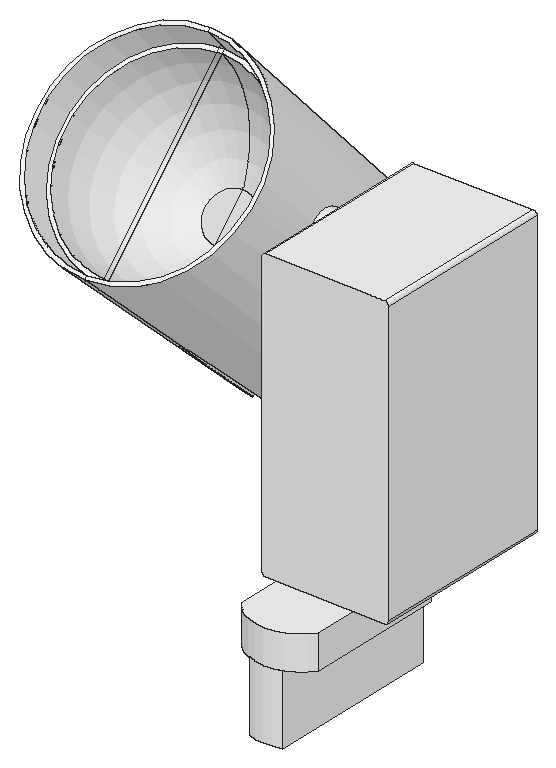
Revit family "0004828 Feilo Sylvania Lighting Fixture START TRACK SPOT S 24W 4K RA80 WB WHITE", category Lighting Fixtures, host Face, Revit 2017
Family settings
  Host = Face
  Round Connector Dimension = Use Diameter
  Part Type = Normal
  OmniClass Number = 23.80.70.00
  OmniClass Title = Lighting
  Cut with Voids When Loaded = No
  Light Source = No
  Shared = No
  Room Calculation Point = No
Parameters (values of type "0004828 START TRACK SPOT S 24W 4K RA80 WB WHITE")
  Weight = "0.966 kg"
  Wattage Comments = ""
  WarrantyStartDate [instance] = "n/a"
  WarrantyGuarantorParts = "n/a"
  WarrantyDurationUnit = "n/a"
  WarrantyDurationParts = "n/a"
  WarrantyDescription = "n/a"
  Voltage = 230 V
  URL = "http://www.sylvania-lighting.com"
  TypeName = "START TRACK SPOT S 24W 4K RA80 WB WHITE"
  TypeHead_FEILO = Start Track Spot Head : 0004828 START TRACK SPOT S 24W 4K RA80 WB WHITE
  TypeBox_FEILO = Start Track Spot Box : Type Small White
  Type Image = <None>
  Type Comments = "n/a"
  VerticalRotation_FEILO [instance] = 0.00°
  SlideEndAngle_FEILO [instance] = VerticalRotation_FEILO + 180.00°  # 180.00°
  SerialNumber [instance] = "n/a"
  Material_3_FEILO = none
  PowerFactor = 0.95
  PowerConsumption = "24 W"
  NominalLength = 0 mm
  NominalHeight = 200 mm
  NominalDepth = 140 mm
  Name = "START TRACK SPOT S 24W 4K RA80 WB WHITE"
  ModelReference = Name  # "START TRACK SPOT S 24W 4K RA80 WB WHITE"
  ModelNumber = "0004828"
  Model = Name  # "START TRACK SPOT S 24W 4K RA80 WB WHITE"
  Material = "adc12 aluminium housing, polycarbonate diffuser"
  ManufacturerName = "Feilo Sylvania"
  Manufacturer = "Feilo Sylvania"
  LuminousEfficacy = "103 lm/W"
  LuminaireType = ""
  LightOutputRatio = "100"
  LampsType = Lamp  # "LED"
  LampNominalLuminous = "2476 lm"
  LampMacAdamStep = "3"
  LampColourTemperature = "4000 K"
  LampColourRenderingIndex = "80"
  Lamp = "LED"
  Keynote = "16500"
  InstallationDate [instance] = "n/a"
  InputVoltage = "230-240V~"
  InputNominalFrequency = "50/60 Hz"
  IngressProtection = "IP20"
  ImpactProtectionIndex = "IK02"
  IfcExportType = "IfcLightFixtureType"
  IfcExportAs = "IfcLightFixtureType"
  HorizontalRotation_FEILO [instance] = 45.00°
  ExpectedLife = 50000
  ElectricShockClassification = "Class II"
  DurationUnit = "hours"
  DocumentationLiterature = "http://www.sylvania-lighting.com/product/en-int/products/0004828"
  DimmingControlOptions = "Non dimmable"
  Material_2_FEILO = none
  Description = "Integrated LED spotlight, Textured White - RAL9016, compact and minimalist design, ideal for retail applications, die-cast aluminium body, passive cooling heatsink. Beam angle: 64°, color temperature: 4000K , total system power: 24W, total fixture output: 2476 lm, LOR: 100%, colour rendering: Ra: 80 typical, LED Chromaticity: 3 step MacAdam ellipse, lifetime: >50000 hours at L70B50, energy class: A++, A+, A, IR/UV free light source without heat radiation, operating voltage: 220-240V / 50-60Hz, drive current: 600mA, electronic driver, non-dimmable, power factor: 0.95, electrical protection: Class II, Global Track 3 Phase adapter suitable for Global trac 3-circuit tracks, ingress protection rating: IP20, suitable for internal environment only, horizontal rotation: 355°, vertical tilt: 90°, dimensions: Ø86x140x200, weight: 0.966kg."
  Default Elevation = 1219.2 mm
  CreatedOn = "12/12/2017"
  CreatedBy = ""
  Cost = 0
  built-in parameter 1114216 [instance] = (empty or 0)
  ClassificationValue = "EF_70_80"
  ClassificationName = "Uniclass2015"
  Material_1_FEILO = Body-Sylvania-StartTrackSpot-White
  BarCode [instance] = "n/a"
  AssetType = "Fixed"
  AssetIdentifier [instance] = "n/a"
  Assembly Code = "D5020200"
  Apparent Load = 24 VA
  Material_4_FEILO = none
Reference planes
  plane 1 "Center (Front/Back)": y = 0
  plane 2: z = 0
  plane 3 "Center (Left/Right)": x = 0
  plane 4: x = 15
  plane 5: x = -15
  plane 6: y = 35
  plane 7: y = -35
  plane 8: z = 13
  plane 9: z = -27
  plane 10: x = 6.5
  plane 11: x = -6.5
  plane 12: y = 27
  plane 13: y = -27
  plane 14: y = 20
Forms (mm)
  Extrusion 1, solid, material "Body-Sylvania-StartTrackSpot-White" <- "Material_1_FEILO"
    sketch origin (0, 0, 0) x (1, 0, 0) y (0, 1, 0)
      loop
        line (-15, 27) -> (-15, -27)
        arc (-15, -27) -> (0, -35) -> (15, -27) r 18.062
        line (15, -27) -> (15, 27)
        arc (15, 27) -> (0, 35) -> (-15, 27) r 18.062
    from 0 to 13
  Extrusion 2, solid, material "Body-Sylvania-StartTrackSpot-White" <- "Material_1_FEILO"
    sketch origin (0, 0, 0) x (1, 0, 0) y (0, 1, 0)
      loop
        arc (6.5, 33.79) -> (0, 35) -> (-6.5, 33.79) r 18.062
        line (-6.5, 33.79) -> (-6.5, -33.79)
        arc (-6.5, -33.79) -> (0, -35) -> (6.5, -33.79) r 18.062
        line (6.5, -33.79) -> (6.5, 33.79)
    from 0 to -27
  Revolve 3, solid, not visible
    sketch origin (1524, 20, 1219.2) x (1, 0, 0) y (0, 0, 1)
      loop
        line (-1524, -1206.2) -> (-1524, -1191.285) -> (-1530.5, -1191.285) -> (-1530.5, -1206.2) -> (-1524, -1206.2)
      axis (-1524, -1191.285) -> (-1524, -1206.2)
    angle from 0 <- "VerticalRotation_FEILO" to 180 <- "SlideEndAngle_FEILO"
Cuts and joins
  joined: Extrusion 1, Extrusion 2
Dimensions and locks
  equal spacing: plane 10, plane 3 "Center (Left/Right)", plane 11
  equal spacing: plane 4, plane 3 "Center (Left/Right)", plane 5
  locked: plane 8 to plane 2 at 13
  locked: plane 8 to plane 9 at 40
  equal spacing: plane 13, plane 1 "Center (Front/Back)", plane 12
  locked: plane 12 to plane 6 at 8
  locked: plane 14 to plane 6 at 15
  locked: Revolve 3 sketch curve to plane 8 at 14.915
  aligned and locked: plane 2 to host face
  aligned and locked: level to host face
  aligned and locked: plane 5 to Extrusion 1 sketch curve  (x2)
  aligned and locked: plane 12 to Extrusion 1 sketch curve
  aligned and locked: plane 13 to Extrusion 1 sketch curve
  aligned and locked: plane 4 to Extrusion 1 sketch curve
  aligned and locked: Extrusion 1 to plane 8
  aligned and locked: Extrusion 1 to level
  aligned and locked: Extrusion 2 sketch curve to Extrusion 1  (x2)
  aligned and locked: Extrusion 2 sketch curve to plane 11
  aligned and locked: plane 10 to Extrusion 2 sketch curve
  aligned and locked: plane 9 to Extrusion 2
  aligned and locked: level to Extrusion 2
  aligned and locked: Revolve 3 sketch curve to plane 3 "Center (Left/Right)"  (x2)
  aligned and locked: plane 11 to Revolve 3 sketch curve
  aligned and locked: Revolve 3 sketch curve to plane 8
Automatic sketch dimensions
  host sketch curve to host sketch curve = 2438.4 mm  (x2)
  Extrusion 1 sketch curve to plane 3 "Center (Left/Right)" = 0 mm  (x2)
  Extrusion 1 sketch curve to plane 13 = 10.062 mm
  plane 12 to Extrusion 1 sketch curve = 10.062 mm
  Revolve 3 sketch curve to plane 3 "Center (Left/Right)" = 0 mm
  plane 9 to Revolve 3 sketch curve = 582.6 mm
  Revolve 3 sketch curve to Revolve 3 sketch curve = 2581.144 mm
Nested families
  nested 1: "Start Track Spot Head" at (-62, 20, 112.529) x (0, 0.7071, 0.7071) z (0, 0.7071, -0.7071), type <- "TypeHead_FEILO", type "0004828 START TRACK SPOT S 24W 4K RA80 WB WHITE"
    with built-in parameter 1114216 (empty or 0)
  nested 2: "Start Track Spot Box" at (8.5, 20, 73) x (-1, 0, 0) z (0, -1, 0), BoxStartAngle_FEILO <- "HorizontalRotation_FEILO", type <- "TypeBox_FEILO", type "Type Small White"
    with BoxStartAngle_FEILO 45.00°, BoxEndAngle_FEILO -135.00°
Connectors
  electrical at (0, 0, 0), driven by "Apparent Load", driven by "PowerFactor", driven by "Voltage"
    settings: index 1, voltage 230 V, apparent load 24 VA, apparent load phase1 0 VA, apparent load phase2 0 VA, apparent load phase3 0 VA, power factor 0.95, load classification "Lighting", number of poles 1, system type 30, power factor state 1, is connector primary yes, connector utility no, sub classification motor no, connector description ""
Definition of nested family "Start Track Spot Head"
  Parameters (values of type "0004811 START TRACK SPOT S 14W 3K RA80 NB WHITE")
    Wattage Comments = "n/a"
    Wattage = 14 W
    built-in parameter 1150110 = 1 (stored number, unit not read)
    URL = "http://www.feilosylvania.com"
    Type Image = (empty or 0)
    Type Comments = "n/a"
    built-in parameter 1114217 = 1 (stored number, unit not read)
    Tilt Angle = -90.00°
    built-in parameter 1150109 = 1 (stored number, unit not read)
    built-in parameter 1150134 = (empty or 0)
    built-in parameter 1150113 = 1 (stored number, unit not read)
    Photometric Web File = "0004811.ies"
    Material_3_FEILO = none
    Model = "START TRACK SPOT S 14W 3K RA80 NB WHITE"
    Manufacturer = "Feilo Sylvania"
    built-in parameter 1150105 = 123.66 (stored number, unit not read)
    Lumens = 1554 lm
    built-in parameter 1150115 = 1 (stored number, unit not read)
    built-in parameter 1150137 = (empty or 0)
    built-in parameter 1150139 = (empty or 0)
    built-in parameter 1150112 = 1 (stored number, unit not read)
    built-in parameter 1150114 = 1 (stored number, unit not read)
    Lamp = "LED"
    Keynote = "16500"
    Material_2_FEILO = none
    built-in parameter 1150132 = (empty or 0)
    built-in parameter 1150102 = (empty or 0)
    built-in parameter 1150107 = 3000 (stored number, unit not read)
    built-in parameter 1150138 = (empty or 0)
    built-in parameter 1150106 = 1.2366 (stored number, unit not read)
    HeadThickness_FEILO = if(HeadDiaOut_FEILO > 112 mm, 2 mm, 1.5 mm)  # 1.5 mm
    HeadRibOffset_FEILO = HeadHeight_FEILO / 28  # 4.179 mm
    HeadRibDepth_FEILO = HeadHeight_FEILO / 2.1  # 55.714 mm
    HeadRibCutWidth_FEILO = HeadDiaOut_FEILO / 12  # 7.167 mm
    HeadRibCutOffset_FEILO = HeadHeight_FEILO / 2.3  # 50.87 mm
    HeadReflectorRadius_FEILO = HeadDiaOut_FEILO / 1.7  # 50.588 mm
    HeadReflectorOffset_FEILO = HeadHeight_FEILO / 2.1  # 55.714 mm
    HeadLEDRadius_FEILO = HeadDiaOut_FEILO / 9  # 9.556 mm
    HeadHeight_FEILO = 117 mm
    HeadDraft_FEILO = 1 mm
    HeadDiffusorThickness_FEILO = 3 mm
    HeadDiffusorOffset_FEILO = HeadHeight_FEILO / 12.4  # 9.435 mm
    HeadDiaOut_FEILO = 86 mm
    HeadDiaIn_FEILO = HeadDiaOut_FEILO / 1.11  # 77.477 mm
    HeadAxisFromTop_FEILO = HeadHeight_FEILO / 1.687  # 69.354 mm
    Emit from Circle Diameter = HeadDiaIn_FEILO  # 77.477 mm
    Emit Shape Visible in Rendering = no
    built-in parameter 1150104 = 10.312 (stored number, unit not read)
    Dimming Lamp Color Temperature Shift = (empty or 0)
    Description = "Integrated LED spotlight, Textured White - RAL9016, compact and minimalist design, ideal for retail applications, die-cast aluminium body, passive cooling heatsink. Beam angle: 12°, color temperature: 3000K , total system power: 14W, total fixture output: 1551 lm, LOR: 100%, colour rendering: Ra: 80 typical, LED Chromaticity: 3 step MacAdam ellipse, lifetime: >50000 hours at L70B50, energy class: A++, A+, A, IR/UV free light source without heat radiation, operating voltage: 220-240V / 50-60Hz, drive current: 350mA, electronic driver, non-dimmable, power factor: 0.92, electrical protection: Class II, Global Track 3 Phase adapter suitable for Global trac 3-circuit tracks, ingress protection rating: IP20, suitable for internal environment only, horizontal rotation: 355°, vertical tilt: 90°, dimensions: Ø86x140x200, weight: 0.940kg."
    Default Elevation = 1219.2 mm
    Cost = 0
    Color Filter = 16777215
    built-in parameter 1114216 [instance] = (empty or 0)
    Material_1_FEILO = none
    built-in parameter 1114218 = 1 (stored number, unit not read)
    built-in parameter 1150133 = 10 (stored number, unit not read)
    Assembly Code = "D5020200"
    Apparent Load = 14 VA
    Material_4_FEILO = none
  Types (96, lengths in mm): name | Wattage | built-in parameter 1150134 | Photometric Web File | Model | built-in parameter 1150105 | Lumens | built-in parameter 1150107 | built-in parameter 1150106 | HeadThickness_FEILO | HeadRibOffset_FEILO | HeadRibDepth_FEILO | HeadRibCutWidth_FEILO | HeadRibCutOffset_FEILO | HeadReflectorRadius_FEILO | HeadReflectorOffset_FEILO | HeadLEDRadius_FEILO | HeadHeight_FEILO | HeadDiffusorOffset_FEILO | HeadDiaOut_FEILO | HeadDiaIn_FEILO | HeadAxisFromTop_FEILO | Emit from Circle Diameter | built-in parameter 1150104 | Description | Apparent Load
    0004906 START TRACK SPOT L 55W 4K RA90 WB BLACK | 55 W | 12 | "0004906.ies" | "START TRACK SPOT L 55W 4K RA90 WB BLACK" | 385.15 (stored number, unit not read) | 4840 lm | 4000 (stored number, unit not read) | 3.8515 (stored number, unit not read) | 2 | 4.429 | 59.048 | 9.417 | 53.913 | 66.471 | 59.048 | 12.556 | 124 | 10 | 113 | 101.802 | 73.503 | 101.802 | 8.1755 (stored number, unit not read) | "Integrated LED spotlight, Textured Black - RAL9005, compact and minimalist design, ideal for retail applications, die-cast aluminium body, passive cooling heatsink. Beam angle: 52°, color temperature: 4000K , total system power: 55W, total fixture output: 4824 lm, LOR: 100%, colour rendering: Ra: 90 typical, LED Chromaticity: 3 step MacAdam ellipse, lifetime: >50000 hours at L70B50, energy class: A++, A+, A, IR/UV free light source without heat radiation, operating voltage: 220-240V / 50-60Hz, drive current: 1400mA, electronic driver, non-dimmable, power factor: 0.96, electrical protection: Class II, Global Track 3 Phase adapter suitable for Global trac 3-circuit tracks, ingress protection rating: IP20, suitable for internal environment only, horizontal rotation: 355°, vertical tilt: 90°, dimensions: Ø113x164x240, weight: 1.398kg." | 55 VA
    0004905 START TRACK SPOT L 55W 4K RA90 MB BLACK | 55 W | 12 | "0004905.ies" | "START TRACK SPOT L 55W 4K RA90 MB BLACK" | 389.53 (stored number, unit not read) | 4895 lm | 4000 (stored number, unit not read) | 3.8953 (stored number, unit not read) | 2 | 4.429 | 59.048 | 9.417 | 53.913 | 66.471 | 59.048 | 12.556 | 124 | 10 | 113 | 101.802 | 73.503 | 101.802 | 8.2684 (stored number, unit not read) | "Integrated LED spotlight, Textured Black - RAL9005, compact and minimalist design, ideal for retail applications, die-cast aluminium body, passive cooling heatsink. Beam angle: 38°, color temperature: 4000K , total system power: 55W, total fixture output: 4897 lm, LOR: 100%, colour rendering: Ra: 90 typical, LED Chromaticity: 3 step MacAdam ellipse, lifetime: >50000 hours at L70B50, energy class: A++, A+, A, IR/UV free light source without heat radiation, operating voltage: 220-240V / 50-60Hz, drive current: 1400mA, electronic driver, non-dimmable, power factor: 0.96, electrical protection: Class II, Global Track 3 Phase adapter suitable for Global trac 3-circuit tracks, ingress protection rating: IP20, suitable for internal environment only, horizontal rotation: 355°, vertical tilt: 90°, dimensions: Ø113x164x240, weight: 1.398kg." | 55 VA
    0004904 START TRACK SPOT L 55W 4K RA90 NB BLACK | 55 W | 12 | "0004904.ies" | "START TRACK SPOT L 55W 4K RA90 NB BLACK" | 393.91 (stored number, unit not read) | 4950 lm | 4000 (stored number, unit not read) | 3.9391 (stored number, unit not read) | 2 | 4.429 | 59.048 | 9.417 | 53.913 | 66.471 | 59.048 | 12.556 | 124 | 10 | 113 | 101.802 | 73.503 | 101.802 | 8.3613 (stored number, unit not read) | "Integrated LED spotlight, Textured Black - RAL9005, compact and minimalist design, ideal for retail applications, die-cast aluminium body, passive cooling heatsink. Beam angle: 15°, color temperature: 4000K , total system power: 55W, total fixture output: 4965 lm, LOR: 100%, colour rendering: Ra: 90 typical, LED Chromaticity: 3 step MacAdam ellipse, lifetime: >50000 hours at L70B50, energy class: A++, A+, A, IR/UV free light source without heat radiation, operating voltage: 220-240V / 50-60Hz, drive current: 1400mA, electronic driver, non-dimmable, power factor: 0.96, electrical protection: Class II, Global Track 3 Phase adapter suitable for Global trac 3-circuit tracks, ingress protection rating: IP20, suitable for internal environment only, horizontal rotation: 355°, vertical tilt: 90°, dimensions: Ø113x164x240, weight: 1.398kg." | 55 VA
    0004903 START TRACK SPOT L 35W 4K RA90 WB BLACK | 35 W | 12 | "0004903.ies" | "START TRACK SPOT L 35W 4K RA90 WB BLACK" | 284.09 (stored number, unit not read) | 3570 lm | 4000 (stored number, unit not read) | 2.8409 (stored number, unit not read) | 2 | 4.429 | 59.048 | 9.417 | 53.913 | 66.471 | 59.048 | 12.556 | 124 | 10 | 113 | 101.802 | 73.503 | 101.802 | 9.4761 (stored number, unit not read) | "Integrated LED spotlight, Textured Black - RAL9005, compact and minimalist design, ideal for retail applications, die-cast aluminium body, passive cooling heatsink. Beam angle: 52°, color temperature: 4000K , total system power: 35W, total fixture output: 3562 lm, LOR: 100%, colour rendering: Ra: 90 typical, LED Chromaticity: 3 step MacAdam ellipse, lifetime: >50000 hours at L70B50, energy class: A++, A+, A, IR/UV free light source without heat radiation, operating voltage: 220-240V / 50-60Hz, drive current: 900mA, electronic driver, non-dimmable, power factor: 0.93, electrical protection: Class II, Global Track 3 Phase adapter suitable for Global trac 3-circuit tracks, ingress protection rating: IP20, suitable for internal environment only, horizontal rotation: 355°, vertical tilt: 90°, dimensions: Ø113x164x240, weight: 1.368kg." | 35 VA
    0004902 START TRACK SPOT L 35W 4K RA90 MB BLACK | 35 W | 12 | "0004902.ies" | "START TRACK SPOT L 35W 4K RA90 MB BLACK" | 286.88 (stored number, unit not read) | 3605 lm | 4000 (stored number, unit not read) | 2.8688 (stored number, unit not read) | 2 | 4.429 | 59.048 | 9.417 | 53.913 | 66.471 | 59.048 | 12.556 | 124 | 10 | 113 | 101.802 | 73.503 | 101.802 | 9.569 (stored number, unit not read) | "Integrated LED spotlight, Textured Black - RAL9005, compact and minimalist design, ideal for retail applications, die-cast aluminium body, passive cooling heatsink. Beam angle: 38°, color temperature: 4000K , total system power: 35W, total fixture output: 3616 lm, LOR: 100%, colour rendering: Ra: 90 typical, LED Chromaticity: 3 step MacAdam ellipse, lifetime: >50000 hours at L70B50, energy class: A++, A+, A, IR/UV free light source without heat radiation, operating voltage: 220-240V / 50-60Hz, drive current: 900mA, electronic driver, non-dimmable, power factor: 0.93, electrical protection: Class II, Global Track 3 Phase adapter suitable for Global trac 3-circuit tracks, ingress protection rating: IP20, suitable for internal environment only, horizontal rotation: 355°, vertical tilt: 90°, dimensions: Ø113x164x240, weight: 1.368kg." | 35 VA
    0004901 START TRACK SPOT L 35W 4K RA90 NB BLACK | 35 W | 12 | "0004901.ies" | "START TRACK SPOT L 35W 4K RA90 NB BLACK" | 286.88 (stored number, unit not read) | 3605 lm | 4000 (stored number, unit not read) | 2.8688 (stored number, unit not read) | 2 | 4.429 | 59.048 | 9.417 | 53.913 | 66.471 | 59.048 | 12.556 | 124 | 10 | 113 | 101.802 | 73.503 | 101.802 | 9.569 (stored number, unit not read) | "Integrated LED spotlight, Textured Black - RAL9005, compact and minimalist design, ideal for retail applications, die-cast aluminium body, passive cooling heatsink. Beam angle: 15°, color temperature: 4000K , total system power: 35W, total fixture output: 3593 lm, LOR: 100%, colour rendering: Ra: 90 typical, LED Chromaticity: 3 step MacAdam ellipse, lifetime: >50000 hours at L70B50, energy class: A++, A+, A, IR/UV free light source without heat radiation, operating voltage: 220-240V / 50-60Hz, drive current: 900mA, electronic driver, non-dimmable, power factor: 0.93, electrical protection: Class II, Global Track 3 Phase adapter suitable for Global trac 3-circuit tracks, ingress protection rating: IP20, suitable for internal environment only, horizontal rotation: 355°, vertical tilt: 90°, dimensions: Ø113x164x240, weight: 1.368kg." | 35 VA
    0004900 START TRACK SPOT S 24W 4K RA90 WB BLACK | 24 W | 12 | "0004900.ies" | "START TRACK SPOT S 24W 4K RA90 WB BLACK" | 166.16 (stored number, unit not read) | 2088 lm | 4000 (stored number, unit not read) | 1.6616 (stored number, unit not read) | 1.5 | 4.179 | 55.714 | 7.167 | 50.87 | 50.588 | 55.714 | 9.556 | 117 | 9.435 | 86 | 77.477 | 69.354 | 77.477 | 8.0826 (stored number, unit not read) | "Integrated LED spotlight, Textured Black - RAL9005, compact and minimalist design, ideal for retail applications, die-cast aluminium body, passive cooling heatsink. Beam angle: 64°, color temperature: 4000K , total system power: 24W, total fixture output: 2087 lm, LOR: 100%, colour rendering: Ra: 90 typical, LED Chromaticity: 3 step MacAdam ellipse, lifetime: >50000 hours at L70B50, energy class: A++, A+, A, IR/UV free light source without heat radiation, operating voltage: 220-240V / 50-60Hz, drive current: 600mA, electronic driver, non-dimmable, power factor: 0.95, electrical protection: Class II, Global Track 3 Phase adapter suitable for Global trac 3-circuit tracks, ingress protection rating: IP20, suitable for internal environment only, horizontal rotation: 355°, vertical tilt: 90°, dimensions: Ø86x140x200, weight: 0.966kg." | 24 VA
    0004899 START TRACK SPOT S 24W 4K RA90 MB BLACK | 24 W | 12 | "0004899.ies" | "START TRACK SPOT S 24W 4K RA90 MB BLACK" | 169.98 (stored number, unit not read) | 2136 lm | 4000 (stored number, unit not read) | 1.6998 (stored number, unit not read) | 1.5 | 4.179 | 55.714 | 7.167 | 50.87 | 50.588 | 55.714 | 9.556 | 117 | 9.435 | 86 | 77.477 | 69.354 | 77.477 | 8.2684 (stored number, unit not read) | "Integrated LED spotlight, Textured Black - RAL9005, compact and minimalist design, ideal for retail applications, die-cast aluminium body, passive cooling heatsink. Beam angle: 36°, color temperature: 4000K , total system power: 24W, total fixture output: 2141 lm, LOR: 100%, colour rendering: Ra: 90 typical, LED Chromaticity: 3 step MacAdam ellipse, lifetime: >50000 hours at L70B50, energy class: A++, A+, A, IR/UV free light source without heat radiation, operating voltage: 220-240V / 50-60Hz, drive current: 600mA, electronic driver, non-dimmable, power factor: 0.95, electrical protection: Class II, Global Track 3 Phase adapter suitable for Global trac 3-circuit tracks, ingress protection rating: IP20, suitable for internal environment only, horizontal rotation: 355°, vertical tilt: 90°, dimensions: Ø86x140x200, weight: 0.966kg." | 24 VA
    0004898 START TRACK SPOT S 24W 4K RA90 NB BLACK | 24 W | 12 | "0004898.ies" | "START TRACK SPOT S 24W 4K RA90 NB BLACK" | 171.89 (stored number, unit not read) | 2160 lm | 4000 (stored number, unit not read) | 1.7189 (stored number, unit not read) | 1.5 | 4.179 | 55.714 | 7.167 | 50.87 | 50.588 | 55.714 | 9.556 | 117 | 9.435 | 86 | 77.477 | 69.354 | 77.477 | 8.3613 (stored number, unit not read) | "Integrated LED spotlight, Textured Black - RAL9005, compact and minimalist design, ideal for retail applications, die-cast aluminium body, passive cooling heatsink. Beam angle: 12°, color temperature: 4000K , total system power: 24W, total fixture output: 2155 lm, LOR: 100%, colour rendering: Ra: 90 typical, LED Chromaticity: 3 step MacAdam ellipse, lifetime: >50000 hours at L70B50, energy class: A++, A+, A, IR/UV free light source without heat radiation, operating voltage: 220-240V / 50-60Hz, drive current: 600mA, electronic driver, non-dimmable, power factor: 0.95, electrical protection: Class II, Global Track 3 Phase adapter suitable for Global trac 3-circuit tracks, ingress protection rating: IP20, suitable for internal environment only, horizontal rotation: 355°, vertical tilt: 90°, dimensions: Ø86x140x200, weight: 0.966kg." | 24 VA
    0004897 START TRACK SPOT S 14W 4K RA90 WB BLACK | 14 W | 12 | "0004897.ies" | "START TRACK SPOT S 14W 4K RA90 WB BLACK" | 108.07 (stored number, unit not read) | 1358 lm | 4000 (stored number, unit not read) | 1.0807 (stored number, unit not read) | 1.5 | 4.179 | 55.714 | 7.167 | 50.87 | 50.588 | 55.714 | 9.556 | 117 | 9.435 | 86 | 77.477 | 69.354 | 77.477 | 9.0116 (stored number, unit not read) | "Integrated LED spotlight, Textured Black - RAL9005, compact and minimalist design, ideal for retail applications, die-cast aluminium body, passive cooling heatsink. Beam angle: 64°, color temperature: 4000K , total system power: 14W, total fixture output: 1352 lm, LOR: 100%, colour rendering: Ra: 90 typical, LED Chromaticity: 3 step MacAdam ellipse, lifetime: >50000 hours at L70B50, energy class: A++, A+, A, IR/UV free light source without heat radiation, operating voltage: 220-240V / 50-60Hz, drive current: 350mA, electronic driver, non-dimmable, power factor: 0.92, electrical protection: Class II, Global Track 3 Phase adapter suitable for Global trac 3-circuit tracks, ingress protection rating: IP20, suitable for internal environment only, horizontal rotation: 355°, vertical tilt: 90°, dimensions: Ø86x140x200, weight: 0.940kg." | 14 VA
    0004896 START TRACK SPOT S 14W 4K RA90 MB BLACK | 14 W | 12 | "0004896.ies" | "START TRACK SPOT S 14W 4K RA90 MB BLACK" | 108.07 (stored number, unit not read) | 1358 lm | 4000 (stored number, unit not read) | 1.0807 (stored number, unit not read) | 1.5 | 4.179 | 55.714 | 7.167 | 50.87 | 50.588 | 55.714 | 9.556 | 117 | 9.435 | 86 | 77.477 | 69.354 | 77.477 | 9.0116 (stored number, unit not read) | "Integrated LED spotlight, Textured Black - RAL9005, compact and minimalist design, ideal for retail applications, die-cast aluminium body, passive cooling heatsink. Beam angle: 36°, color temperature: 4000K , total system power: 14W, total fixture output: 1359 lm, LOR: 100%, colour rendering: Ra: 90 typical, LED Chromaticity: 3 step MacAdam ellipse, lifetime: >50000 hours at L70B50, energy class: A++, A+, A, IR/UV free light source without heat radiation, operating voltage: 220-240V / 50-60Hz, drive current: 350mA, electronic driver, non-dimmable, power factor: 0.92, electrical protection: Class II, Global Track 3 Phase adapter suitable for Global trac 3-circuit tracks, ingress protection rating: IP20, suitable for internal environment only, horizontal rotation: 355°, vertical tilt: 90°, dimensions: Ø86x140x200, weight: 0.940kg." | 14 VA
    0004895 START TRACK SPOT S 14W 4K RA90 NB BLACK | 14 W | 12 | "0004895.ies" | "START TRACK SPOT S 14W 4K RA90 NB BLACK" | 106.95 (stored number, unit not read) | 1344 lm | 4000 (stored number, unit not read) | 1.0695 (stored number, unit not read) | 1.5 | 4.179 | 55.714 | 7.167 | 50.87 | 50.588 | 55.714 | 9.556 | 117 | 9.435 | 86 | 77.477 | 69.354 | 77.477 | 8.9187 (stored number, unit not read) | "Integrated LED spotlight, Textured Black - RAL9005, compact and minimalist design, ideal for retail applications, die-cast aluminium body, passive cooling heatsink. Beam angle: 12°, color temperature: 4000K , total system power: 14W, total fixture output: 1349 lm, LOR: 100%, colour rendering: Ra: 90 typical, LED Chromaticity: 3 step MacAdam ellipse, lifetime: >50000 hours at L70B50, energy class: A++, A+, A, IR/UV free light source without heat radiation, operating voltage: 220-240V / 50-60Hz, drive current: 350mA, electronic driver, non-dimmable, power factor: 0.92, electrical protection: Class II, Global Track 3 Phase adapter suitable for Global trac 3-circuit tracks, ingress protection rating: IP20, suitable for internal environment only, horizontal rotation: 355°, vertical tilt: 90°, dimensions: Ø86x140x200, weight: 0.940kg." | 14 VA
    0004894 START TRACK SPOT L 55W 3K RA90 WB BLACK | 55 W | (empty or 0) | "0004894.ies" | "START TRACK SPOT L 55W 3K RA90 WB BLACK" | 350.14 (stored number, unit not read) | 4400 lm | 3000 (stored number, unit not read) | 3.5014 (stored number, unit not read) | 2 | 4.429 | 59.048 | 9.417 | 53.913 | 66.471 | 59.048 | 12.556 | 124 | 10 | 113 | 101.802 | 73.503 | 101.802 | 7.4322 (stored number, unit not read) | "Integrated LED spotlight, Textured Black - RAL9005, compact and minimalist design, ideal for retail applications, die-cast aluminium body, passive cooling heatsink. Beam angle: 52°, color temperature: 3000K , total system power: 55W, total fixture output: 4405 lm, LOR: 100%, colour rendering: Ra: 90 typical, LED Chromaticity: 3 step MacAdam ellipse, lifetime: >50000 hours at L70B50, energy class: A++, A+, A, IR/UV free light source without heat radiation, operating voltage: 220-240V / 50-60Hz, drive current: 1400mA, electronic driver, non-dimmable, power factor: 0.96, electrical protection: Class II, Global Track 3 Phase adapter suitable for Global trac 3-circuit tracks, ingress protection rating: IP20, suitable for internal environment only, horizontal rotation: 355°, vertical tilt: 90°, dimensions: Ø113x164x240, weight: 1.398kg." | 55 VA
    0004893 START TRACK SPOT L 55W 3K RA90 MB BLACK | 55 W | (empty or 0) | "0004893.ies" | "START TRACK SPOT L 55W 3K RA90 MB BLACK" | 354.52 (stored number, unit not read) | 4455 lm | 3000 (stored number, unit not read) | 3.5452 (stored number, unit not read) | 2 | 4.429 | 59.048 | 9.417 | 53.913 | 66.471 | 59.048 | 12.556 | 124 | 10 | 113 | 101.802 | 73.503 | 101.802 | 7.5251 (stored number, unit not read) | "Integrated LED spotlight, Textured Black - RAL9005, compact and minimalist design, ideal for retail applications, die-cast aluminium body, passive cooling heatsink. Beam angle: 38°, color temperature: 3000K , total system power: 55W, total fixture output: 4448 lm, LOR: 100%, colour rendering: Ra: 90 typical, LED Chromaticity: 3 step MacAdam ellipse, lifetime: >50000 hours at L70B50, energy class: A++, A+, A, IR/UV free light source without heat radiation, operating voltage: 220-240V / 50-60Hz, drive current: 1400mA, electronic driver, non-dimmable, power factor: 0.96, electrical protection: Class II, Global Track 3 Phase adapter suitable for Global trac 3-circuit tracks, ingress protection rating: IP20, suitable for internal environment only, horizontal rotation: 355°, vertical tilt: 90°, dimensions: Ø113x164x240, weight: 1.398kg." | 55 VA
    0004892 START TRACK SPOT L 55W 3K RA90 NB BLACK | 55 W | (empty or 0) | "0004892.ies" | "START TRACK SPOT L 55W 3K RA90 NB BLACK" | 350.14 (stored number, unit not read) | 4400 lm | 3000 (stored number, unit not read) | 3.5014 (stored number, unit not read) | 2 | 4.429 | 59.048 | 9.417 | 53.913 | 66.471 | 59.048 | 12.556 | 124 | 10 | 113 | 101.802 | 73.503 | 101.802 | 7.4322 (stored number, unit not read) | "Integrated LED spotlight, Textured Black - RAL9005, compact and minimalist design, ideal for retail applications, die-cast aluminium body, passive cooling heatsink. Beam angle: 15°, color temperature: 3000K , total system power: 55W, total fixture output: 4416 lm, LOR: 100%, colour rendering: Ra: 90 typical, LED Chromaticity: 3 step MacAdam ellipse, lifetime: >50000 hours at L70B50, energy class: A++, A+, A, IR/UV free light source without heat radiation, operating voltage: 220-240V / 50-60Hz, drive current: 1400mA, electronic driver, non-dimmable, power factor: 0.96, electrical protection: Class II, Global Track 3 Phase adapter suitable for Global trac 3-circuit tracks, ingress protection rating: IP20, suitable for internal environment only, horizontal rotation: 355°, vertical tilt: 90°, dimensions: Ø113x164x240, weight: 1.398kg." | 55 VA
    0004891 START TRACK SPOT L 35W 3K RA90 WB BLACK | 35 W | (empty or 0) | "0004891.ies" | "START TRACK SPOT L 35W 3K RA90 WB BLACK" | 259.02 (stored number, unit not read) | 3255 lm | 3000 (stored number, unit not read) | 2.5902 (stored number, unit not read) | 2 | 4.429 | 59.048 | 9.417 | 53.913 | 66.471 | 59.048 | 12.556 | 124 | 10 | 113 | 101.802 | 73.503 | 101.802 | 8.64 (stored number, unit not read) | "Integrated LED spotlight, Textured Black - RAL9005, compact and minimalist design, ideal for retail applications, die-cast aluminium body, passive cooling heatsink. Beam angle: 52°, color temperature: 3000K , total system power: 35W, total fixture output: 3260 lm, LOR: 100%, colour rendering: Ra: 90 typical, LED Chromaticity: 3 step MacAdam ellipse, lifetime: >50000 hours at L70B50, energy class: A++, A+, A, IR/UV free light source without heat radiation, operating voltage: 220-240V / 50-60Hz, drive current: 900mA, electronic driver, non-dimmable, power factor: 0.93, electrical protection: Class II, Global Track 3 Phase adapter suitable for Global trac 3-circuit tracks, ingress protection rating: IP20, suitable for internal environment only, horizontal rotation: 355°, vertical tilt: 90°, dimensions: Ø113x164x240, weight: 1.368kg." | 35 VA
    0004890 START TRACK SPOT L 35W 3K RA90 MB BLACK | 35 W | (empty or 0) | "0004890.ies" | "START TRACK SPOT L 35W 3K RA90 MB BLACK" | 261.81 (stored number, unit not read) | 3290 lm | 3000 (stored number, unit not read) | 2.6181 (stored number, unit not read) | 2 | 4.429 | 59.048 | 9.417 | 53.913 | 66.471 | 59.048 | 12.556 | 124 | 10 | 113 | 101.802 | 73.503 | 101.802 | 8.7329 (stored number, unit not read) | "Integrated LED spotlight, Textured Black - RAL9005, compact and minimalist design, ideal for retail applications, die-cast aluminium body, passive cooling heatsink. Beam angle: 38°, color temperature: 3000K , total system power: 35W, total fixture output: 3306 lm, LOR: 100%, colour rendering: Ra: 90 typical, LED Chromaticity: 3 step MacAdam ellipse, lifetime: >50000 hours at L70B50, energy class: A++, A+, A, IR/UV free light source without heat radiation, operating voltage: 220-240V / 50-60Hz, drive current: 900mA, electronic driver, non-dimmable, power factor: 0.93, electrical protection: Class II, Global Track 3 Phase adapter suitable for Global trac 3-circuit tracks, ingress protection rating: IP20, suitable for internal environment only, horizontal rotation: 355°, vertical tilt: 90°, dimensions: Ø113x164x240, weight: 1.368kg." | 35 VA
    0004889 START TRACK SPOT L 35W 3K RA90 NB BLACK | 35 W | (empty or 0) | "0004889.ies" | "START TRACK SPOT L 35W 3K RA90 NB BLACK" | 261.81 (stored number, unit not read) | 3290 lm | 3000 (stored number, unit not read) | 2.6181 (stored number, unit not read) | 2 | 4.429 | 59.048 | 9.417 | 53.913 | 66.471 | 59.048 | 12.556 | 124 | 10 | 113 | 101.802 | 73.503 | 101.802 | 8.7329 (stored number, unit not read) | "Integrated LED spotlight, Textured Black - RAL9005, compact and minimalist design, ideal for retail applications, die-cast aluminium body, passive cooling heatsink. Beam angle: 15°, color temperature: 3000K , total system power: 35W, total fixture output: 3287 lm, LOR: 100%, colour rendering: Ra: 90 typical, LED Chromaticity: 3 step MacAdam ellipse, lifetime: >50000 hours at L70B50, energy class: A++, A+, A, IR/UV free light source without heat radiation, operating voltage: 220-240V / 50-60Hz, drive current: 900mA, electronic driver, non-dimmable, power factor: 0.93, electrical protection: Class II, Global Track 3 Phase adapter suitable for Global trac 3-circuit tracks, ingress protection rating: IP20, suitable for internal environment only, horizontal rotation: 355°, vertical tilt: 90°, dimensions: Ø113x164x240, weight: 1.368kg." | 35 VA
    0004888 START TRACK SPOT S 24W 3K RA90 WB BLACK | 24 W | (empty or 0) | "0004888.ies" | "START TRACK SPOT S 24W 3K RA90 WB BLACK" | 152.79 (stored number, unit not read) | 1920 lm | 3000 (stored number, unit not read) | 1.5279 (stored number, unit not read) | 1.5 | 4.179 | 55.714 | 7.167 | 50.87 | 50.588 | 55.714 | 9.556 | 117 | 9.435 | 86 | 77.477 | 69.354 | 77.477 | 7.4322 (stored number, unit not read) | "Integrated LED spotlight, Textured Black - RAL9005, compact and minimalist design, ideal for retail applications, die-cast aluminium body, passive cooling heatsink. Beam angle: 64°, color temperature: 3000K , total system power: 24W, total fixture output: 1928 lm, LOR: 100%, colour rendering: Ra: 90 typical, LED Chromaticity: 3 step MacAdam ellipse, lifetime: >50000 hours at L70B50, energy class: A++, A+, A, IR/UV free light source without heat radiation, operating voltage: 220-240V / 50-60Hz, drive current: 600mA, electronic driver, non-dimmable, power factor: 0.95, electrical protection: Class II, Global Track 3 Phase adapter suitable for Global trac 3-circuit tracks, ingress protection rating: IP20, suitable for internal environment only, horizontal rotation: 355°, vertical tilt: 90°, dimensions: Ø86x140x200, weight: 0.966kg." | 24 VA
    0004887 START TRACK SPOT S 24W 3K RA90 MB BLACK | 24 W | (empty or 0) | "0004887.ies" | "START TRACK SPOT S 24W 3K RA90 MB BLACK" | 154.7 (stored number, unit not read) | 1944 lm | 3000 (stored number, unit not read) | 1.547 (stored number, unit not read) | 1.5 | 4.179 | 55.714 | 7.167 | 50.87 | 50.588 | 55.714 | 9.556 | 117 | 9.435 | 86 | 77.477 | 69.354 | 77.477 | 7.5251 (stored number, unit not read) | "Integrated LED spotlight, Textured Black - RAL9005, compact and minimalist design, ideal for retail applications, die-cast aluminium body, passive cooling heatsink. Beam angle: 36°, color temperature: 3000K , total system power: 24W, total fixture output: 1944 lm, LOR: 100%, colour rendering: Ra: 90 typical, LED Chromaticity: 3 step MacAdam ellipse, lifetime: >50000 hours at L70B50, energy class: A++, A+, A, IR/UV free light source without heat radiation, operating voltage: 220-240V / 50-60Hz, drive current: 600mA, electronic driver, non-dimmable, power factor: 0.95, electrical protection: Class II, Global Track 3 Phase adapter suitable for Global trac 3-circuit tracks, ingress protection rating: IP20, suitable for internal environment only, horizontal rotation: 355°, vertical tilt: 90°, dimensions: Ø86x140x200, weight: 0.966kg." | 24 VA
    0004886 START TRACK SPOT S 24W 3K RA90 NB BLACK | 24 W | (empty or 0) | "0004886.ies" | "START TRACK SPOT S 24W 3K RA90 NB BLACK" | 158.52 (stored number, unit not read) | 1992 lm | 3000 (stored number, unit not read) | 1.5852 (stored number, unit not read) | 1.5 | 4.179 | 55.714 | 7.167 | 50.87 | 50.588 | 55.714 | 9.556 | 117 | 9.435 | 86 | 77.477 | 69.354 | 77.477 | 7.711 (stored number, unit not read) | "Integrated LED spotlight, Textured Black - RAL9005, compact and minimalist design, ideal for retail applications, die-cast aluminium body, passive cooling heatsink. Beam angle: 12°, color temperature: 3000K , total system power: 24W, total fixture output: 1987 lm, LOR: 100%, colour rendering: Ra: 90 typical, LED Chromaticity: 3 step MacAdam ellipse, lifetime: >50000 hours at L70B50, energy class: A++, A+, A, IR/UV free light source without heat radiation, operating voltage: 220-240V / 50-60Hz, drive current: 600mA, electronic driver, non-dimmable, power factor: 0.95, electrical protection: Class II, Global Track 3 Phase adapter suitable for Global trac 3-circuit tracks, ingress protection rating: IP20, suitable for internal environment only, horizontal rotation: 355°, vertical tilt: 90°, dimensions: Ø86x140x200, weight: 0.966kg." | 24 VA
    0004885 START TRACK SPOT S 14W 3K RA90 WB BLACK | 14 W | (empty or 0) | "0004885.ies" | "START TRACK SPOT S 14W 3K RA90 WB BLACK" | 100.27 (stored number, unit not read) | 1260 lm | 3000 (stored number, unit not read) | 1.0027 (stored number, unit not read) | 1.5 | 4.179 | 55.714 | 7.167 | 50.87 | 50.588 | 55.714 | 9.556 | 117 | 9.435 | 86 | 77.477 | 69.354 | 77.477 | 8.3613 (stored number, unit not read) | "Integrated LED spotlight, Textured Black - RAL9005, compact and minimalist design, ideal for retail applications, die-cast aluminium body, passive cooling heatsink. Beam angle: 64°, color temperature: 3000K , total system power: 14W, total fixture output: 1262 lm, LOR: 100%, colour rendering: Ra: 90 typical, LED Chromaticity: 3 step MacAdam ellipse, lifetime: >50000 hours at L70B50, energy class: A++, A+, A, IR/UV free light source without heat radiation, operating voltage: 220-240V / 50-60Hz, drive current: 350mA, electronic driver, non-dimmable, power factor: 0.92, electrical protection: Class II, Global Track 3 Phase adapter suitable for Global trac 3-circuit tracks, ingress protection rating: IP20, suitable for internal environment only, horizontal rotation: 355°, vertical tilt: 90°, dimensions: Ø86x140x200, weight: 0.940kg." | 14 VA
    0004884 START TRACK SPOT S 14W 3K RA90 MB BLACK | 14 W | (empty or 0) | "0004884.ies" | "START TRACK SPOT S 14W 3K RA90 MB BLACK" | 100.27 (stored number, unit not read) | 1260 lm | 3000 (stored number, unit not read) | 1.0027 (stored number, unit not read) | 1.5 | 4.179 | 55.714 | 7.167 | 50.87 | 50.588 | 55.714 | 9.556 | 117 | 9.435 | 86 | 77.477 | 69.354 | 77.477 | 8.3613 (stored number, unit not read) | "Integrated LED spotlight, Textured Black - RAL9005, compact and minimalist design, ideal for retail applications, die-cast aluminium body, passive cooling heatsink. Beam angle: 36°, color temperature: 3000K , total system power: 14W, total fixture output: 1262 lm, LOR: 100%, colour rendering: Ra: 90 typical, LED Chromaticity: 3 step MacAdam ellipse, lifetime: >50000 hours at L70B50, energy class: A++, A+, A, IR/UV free light source without heat radiation, operating voltage: 220-240V / 50-60Hz, drive current: 350mA, electronic driver, non-dimmable, power factor: 0.92, electrical protection: Class II, Global Track 3 Phase adapter suitable for Global trac 3-circuit tracks, ingress protection rating: IP20, suitable for internal environment only, horizontal rotation: 355°, vertical tilt: 90°, dimensions: Ø86x140x200, weight: 0.940kg." | 14 VA
    0004883 START TRACK SPOT S 14W 3K RA90 NB BLACK | 14 W | (empty or 0) | "0004883.ies" | "START TRACK SPOT S 14W 3K RA90 NB BLACK" | 102.5 (stored number, unit not read) | 1288 lm | 3000 (stored number, unit not read) | 1.025 (stored number, unit not read) | 1.5 | 4.179 | 55.714 | 7.167 | 50.87 | 50.588 | 55.714 | 9.556 | 117 | 9.435 | 86 | 77.477 | 69.354 | 77.477 | 8.5471 (stored number, unit not read) | "Integrated LED spotlight, Textured Black - RAL9005, compact and minimalist design, ideal for retail applications, die-cast aluminium body, passive cooling heatsink. Beam angle: 12°, color temperature: 3000K , total system power: 14W, total fixture output: 1284 lm, LOR: 100%, colour rendering: Ra: 90 typical, LED Chromaticity: 3 step MacAdam ellipse, lifetime: >50000 hours at L70B50, energy class: A++, A+, A, IR/UV free light source without heat radiation, operating voltage: 220-240V / 50-60Hz, drive current: 350mA, electronic driver, non-dimmable, power factor: 0.92, electrical protection: Class II, Global Track 3 Phase adapter suitable for Global trac 3-circuit tracks, ingress protection rating: IP20, suitable for internal environment only, horizontal rotation: 355°, vertical tilt: 90°, dimensions: Ø86x140x200, weight: 0.940kg." | 14 VA
    0004882 START TRACK SPOT L 55W 4K RA90 WB WHITE | 55 W | 12 | "0004882.ies" | "START TRACK SPOT L 55W 4K RA90 WB WHITE" | 385.15 (stored number, unit not read) | 4840 lm | 4000 (stored number, unit not read) | 3.8515 (stored number, unit not read) | 2 | 4.429 | 59.048 | 9.417 | 53.913 | 66.471 | 59.048 | 12.556 | 124 | 10 | 113 | 101.802 | 73.503 | 101.802 | 8.1755 (stored number, unit not read) | "Integrated LED spotlight, Textured White - RAL9016, compact and minimalist design, ideal for retail applications, die-cast aluminium body, passive cooling heatsink. Beam angle: 52°, color temperature: 4000K , total system power: 55W, total fixture output: 4824 lm, LOR: 100%, colour rendering: Ra: 90 typical, LED Chromaticity: 3 step MacAdam ellipse, lifetime: >50000 hours at L70B50, energy class: A++, A+, A, IR/UV free light source without heat radiation, operating voltage: 220-240V / 50-60Hz, drive current: 1400mA, electronic driver, non-dimmable, power factor: 0.96, electrical protection: Class II, Global Track 3 Phase adapter suitable for Global trac 3-circuit tracks, ingress protection rating: IP20, suitable for internal environment only, horizontal rotation: 355°, vertical tilt: 90°, dimensions: Ø113x164x240, weight: 1.398kg." | 55 VA
    0004881 START TRACK SPOT L 55W 4K RA90 MB WHITE | 55 W | 12 | "0004881.ies" | "START TRACK SPOT L 55W 4K RA90 MB WHITE" | 389.53 (stored number, unit not read) | 4895 lm | 4000 (stored number, unit not read) | 3.8953 (stored number, unit not read) | 2 | 4.429 | 59.048 | 9.417 | 53.913 | 66.471 | 59.048 | 12.556 | 124 | 10 | 113 | 101.802 | 73.503 | 101.802 | 8.2684 (stored number, unit not read) | "Integrated LED spotlight, Textured White - RAL9016, compact and minimalist design, ideal for retail applications, die-cast aluminium body, passive cooling heatsink. Beam angle: 38°, color temperature: 4000K , total system power: 55W, total fixture output: 4897 lm, LOR: 100%, colour rendering: Ra: 90 typical, LED Chromaticity: 3 step MacAdam ellipse, lifetime: >50000 hours at L70B50, energy class: A++, A+, A, IR/UV free light source without heat radiation, operating voltage: 220-240V / 50-60Hz, drive current: 1400mA, electronic driver, non-dimmable, power factor: 0.96, electrical protection: Class II, Global Track 3 Phase adapter suitable for Global trac 3-circuit tracks, ingress protection rating: IP20, suitable for internal environment only, horizontal rotation: 355°, vertical tilt: 90°, dimensions: Ø113x164x240, weight: 1.398kg." | 55 VA
    0004880 START TRACK SPOT L 55W 4K RA90 NB WHITE | 55 W | 12 | "0004880.ies" | "START TRACK SPOT L 55W 4K RA90 NB WHITE" | 393.91 (stored number, unit not read) | 4950 lm | 4000 (stored number, unit not read) | 3.9391 (stored number, unit not read) | 2 | 4.429 | 59.048 | 9.417 | 53.913 | 66.471 | 59.048 | 12.556 | 124 | 10 | 113 | 101.802 | 73.503 | 101.802 | 8.3613 (stored number, unit not read) | "Integrated LED spotlight, Textured White - RAL9016, compact and minimalist design, ideal for retail applications, die-cast aluminium body, passive cooling heatsink. Beam angle: 15°, color temperature: 4000K , total system power: 55W, total fixture output: 4965 lm, LOR: 100%, colour rendering: Ra: 90 typical, LED Chromaticity: 3 step MacAdam ellipse, lifetime: >50000 hours at L70B50, energy class: A++, A+, A, IR/UV free light source without heat radiation, operating voltage: 220-240V / 50-60Hz, drive current: 1400mA, electronic driver, non-dimmable, power factor: 0.96, electrical protection: Class II, Global Track 3 Phase adapter suitable for Global trac 3-circuit tracks, ingress protection rating: IP20, suitable for internal environment only, horizontal rotation: 355°, vertical tilt: 90°, dimensions: Ø113x164x240, weight: 1.398kg." | 55 VA
    0004879 START TRACK SPOT L 35W 4K RA90 WB WHITE | 35 W | 12 | "0004879.ies" | "START TRACK SPOT L 35W 4K RA90 WB WHITE" | 284.09 (stored number, unit not read) | 3570 lm | 4000 (stored number, unit not read) | 2.8409 (stored number, unit not read) | 2 | 4.429 | 59.048 | 9.417 | 53.913 | 66.471 | 59.048 | 12.556 | 124 | 10 | 113 | 101.802 | 73.503 | 101.802 | 9.4761 (stored number, unit not read) | "Integrated LED spotlight, Textured White - RAL9016, compact and minimalist design, ideal for retail applications, die-cast aluminium body, passive cooling heatsink. Beam angle: 52°, color temperature: 4000K , total system power: 35W, total fixture output: 3562 lm, LOR: 100%, colour rendering: Ra: 90 typical, LED Chromaticity: 3 step MacAdam ellipse, lifetime: >50000 hours at L70B50, energy class: A++, A+, A, IR/UV free light source without heat radiation, operating voltage: 220-240V / 50-60Hz, drive current: 900mA, electronic driver, non-dimmable, power factor: 0.93, electrical protection: Class II, Global Track 3 Phase adapter suitable for Global trac 3-circuit tracks, ingress protection rating: IP20, suitable for internal environment only, horizontal rotation: 355°, vertical tilt: 90°, dimensions: Ø113x164x240, weight: 1.368kg." | 35 VA
    0004878 START TRACK SPOT L 35W 4K RA90 MB WHITE | 35 W | 12 | "0004878.ies" | "START TRACK SPOT L 35W 4K RA90 MB WHITE" | 286.88 (stored number, unit not read) | 3605 lm | 4000 (stored number, unit not read) | 2.8688 (stored number, unit not read) | 2 | 4.429 | 59.048 | 9.417 | 53.913 | 66.471 | 59.048 | 12.556 | 124 | 10 | 113 | 101.802 | 73.503 | 101.802 | 9.569 (stored number, unit not read) | "Integrated LED spotlight, Textured White - RAL9016, compact and minimalist design, ideal for retail applications, die-cast aluminium body, passive cooling heatsink. Beam angle: 38°, color temperature: 4000K , total system power: 35W, total fixture output: 3616 lm, LOR: 100%, colour rendering: Ra: 90 typical, LED Chromaticity: 3 step MacAdam ellipse, lifetime: >50000 hours at L70B50, energy class: A++, A+, A, IR/UV free light source without heat radiation, operating voltage: 220-240V / 50-60Hz, drive current: 900mA, electronic driver, non-dimmable, power factor: 0.93, electrical protection: Class II, Global Track 3 Phase adapter suitable for Global trac 3-circuit tracks, ingress protection rating: IP20, suitable for internal environment only, horizontal rotation: 355°, vertical tilt: 90°, dimensions: Ø113x164x240, weight: 1.368kg." | 35 VA
    0004877 START TRACK SPOT L 35W 4K RA90 NB WHITE | 35 W | 12 | "0004877.ies" | "START TRACK SPOT L 35W 4K RA90 NB WHITE" | 286.88 (stored number, unit not read) | 3605 lm | 4000 (stored number, unit not read) | 2.8688 (stored number, unit not read) | 2 | 4.429 | 59.048 | 9.417 | 53.913 | 66.471 | 59.048 | 12.556 | 124 | 10 | 113 | 101.802 | 73.503 | 101.802 | 9.569 (stored number, unit not read) | "Integrated LED spotlight, Textured White - RAL9016, compact and minimalist design, ideal for retail applications, die-cast aluminium body, passive cooling heatsink. Beam angle: 15°, color temperature: 4000K , total system power: 35W, total fixture output: 3593 lm, LOR: 100%, colour rendering: Ra: 90 typical, LED Chromaticity: 3 step MacAdam ellipse, lifetime: >50000 hours at L70B50, energy class: A++, A+, A, IR/UV free light source without heat radiation, operating voltage: 220-240V / 50-60Hz, drive current: 900mA, electronic driver, non-dimmable, power factor: 0.93, electrical protection: Class II, Global Track 3 Phase adapter suitable for Global trac 3-circuit tracks, ingress protection rating: IP20, suitable for internal environment only, horizontal rotation: 355°, vertical tilt: 90°, dimensions: Ø113x164x240, weight: 1.368kg." | 35 VA
    0004876 START TRACK SPOT S 24W 4K RA90 WB WHITE | 24 W | 12 | "0004876.ies" | "START TRACK SPOT S 24W 4K RA90 WB WHITE" | 166.16 (stored number, unit not read) | 2088 lm | 4000 (stored number, unit not read) | 1.6616 (stored number, unit not read) | 1.5 | 4.179 | 55.714 | 7.167 | 50.87 | 50.588 | 55.714 | 9.556 | 117 | 9.435 | 86 | 77.477 | 69.354 | 77.477 | 8.0826 (stored number, unit not read) | "Integrated LED spotlight, Textured White - RAL9016, compact and minimalist design, ideal for retail applications, die-cast aluminium body, passive cooling heatsink. Beam angle: 64°, color temperature: 4000K , total system power: 24W, total fixture output: 2087 lm, LOR: 100%, colour rendering: Ra: 90 typical, LED Chromaticity: 3 step MacAdam ellipse, lifetime: >50000 hours at L70B50, energy class: A++, A+, A, IR/UV free light source without heat radiation, operating voltage: 220-240V / 50-60Hz, drive current: 600mA, electronic driver, non-dimmable, power factor: 0.95, electrical protection: Class II, Global Track 3 Phase adapter suitable for Global trac 3-circuit tracks, ingress protection rating: IP20, suitable for internal environment only, horizontal rotation: 355°, vertical tilt: 90°, dimensions: Ø86x140x200, weight: 0.966kg." | 24 VA
    0004875 START TRACK SPOT S 24W 4K RA90 MB WHITE | 24 W | 12 | "0004875.ies" | "START TRACK SPOT S 24W 4K RA90 MB WHITE" | 169.98 (stored number, unit not read) | 2136 lm | 4000 (stored number, unit not read) | 1.6998 (stored number, unit not read) | 1.5 | 4.179 | 55.714 | 7.167 | 50.87 | 50.588 | 55.714 | 9.556 | 117 | 9.435 | 86 | 77.477 | 69.354 | 77.477 | 8.2684 (stored number, unit not read) | "Integrated LED spotlight, Textured White - RAL9016, compact and minimalist design, ideal for retail applications, die-cast aluminium body, passive cooling heatsink. Beam angle: 36°, color temperature: 4000K , total system power: 24W, total fixture output: 2141 lm, LOR: 100%, colour rendering: Ra: 90 typical, LED Chromaticity: 3 step MacAdam ellipse, lifetime: >50000 hours at L70B50, energy class: A++, A+, A, IR/UV free light source without heat radiation, operating voltage: 220-240V / 50-60Hz, drive current: 600mA, electronic driver, non-dimmable, power factor: 0.95, electrical protection: Class II, Global Track 3 Phase adapter suitable for Global trac 3-circuit tracks, ingress protection rating: IP20, suitable for internal environment only, horizontal rotation: 355°, vertical tilt: 90°, dimensions: Ø86x140x200, weight: 0.966kg." | 24 VA
    0004874 START TRACK SPOT S 24W 4K RA90 NB WHITE | 24 W | 12 | "0004874.ies" | "START TRACK SPOT S 24W 4K RA90 NB WHITE" | 171.89 (stored number, unit not read) | 2160 lm | 4000 (stored number, unit not read) | 1.7189 (stored number, unit not read) | 1.5 | 4.179 | 55.714 | 7.167 | 50.87 | 50.588 | 55.714 | 9.556 | 117 | 9.435 | 86 | 77.477 | 69.354 | 77.477 | 8.3613 (stored number, unit not read) | "Integrated LED spotlight, Textured White - RAL9016, compact and minimalist design, ideal for retail applications, die-cast aluminium body, passive cooling heatsink. Beam angle: 12°, color temperature: 4000K , total system power: 24W, total fixture output: 2155 lm, LOR: 100%, colour rendering: Ra: 90 typical, LED Chromaticity: 3 step MacAdam ellipse, lifetime: >50000 hours at L70B50, energy class: A++, A+, A, IR/UV free light source without heat radiation, operating voltage: 220-240V / 50-60Hz, drive current: 600mA, electronic driver, non-dimmable, power factor: 0.95, electrical protection: Class II, Global Track 3 Phase adapter suitable for Global trac 3-circuit tracks, ingress protection rating: IP20, suitable for internal environment only, horizontal rotation: 355°, vertical tilt: 90°, dimensions: Ø86x140x200, weight: 0.966kg." | 24 VA
    0004873 START TRACK SPOT S 14W 4K RA90 WB WHITE | 14 W | 12 | "0004873.ies" | "START TRACK SPOT S 14W 4K RA90 WB WHITE" | 108.07 (stored number, unit not read) | 1358 lm | 4000 (stored number, unit not read) | 1.0807 (stored number, unit not read) | 1.5 | 4.179 | 55.714 | 7.167 | 50.87 | 50.588 | 55.714 | 9.556 | 117 | 9.435 | 86 | 77.477 | 69.354 | 77.477 | 9.0116 (stored number, unit not read) | "Integrated LED spotlight, Textured White - RAL9016, compact and minimalist design, ideal for retail applications, die-cast aluminium body, passive cooling heatsink. Beam angle: 64°, color temperature: 4000K , total system power: 14W, total fixture output: 1352 lm, LOR: 100%, colour rendering: Ra: 90 typical, LED Chromaticity: 3 step MacAdam ellipse, lifetime: >50000 hours at L70B50, energy class: A++, A+, A, IR/UV free light source without heat radiation, operating voltage: 220-240V / 50-60Hz, drive current: 350mA, electronic driver, non-dimmable, power factor: 0.92, electrical protection: Class II, Global Track 3 Phase adapter suitable for Global trac 3-circuit tracks, ingress protection rating: IP20, suitable for internal environment only, horizontal rotation: 355°, vertical tilt: 90°, dimensions: Ø86x140x200, weight: 0.940kg." | 14 VA
    0004872 START TRACK SPOT S 14W 4K RA90 MB WHITE | 14 W | 12 | "0004872.ies" | "START TRACK SPOT S 14W 4K RA90 MB WHITE" | 108.07 (stored number, unit not read) | 1358 lm | 4000 (stored number, unit not read) | 1.0807 (stored number, unit not read) | 1.5 | 4.179 | 55.714 | 7.167 | 50.87 | 50.588 | 55.714 | 9.556 | 117 | 9.435 | 86 | 77.477 | 69.354 | 77.477 | 9.0116 (stored number, unit not read) | "Integrated LED spotlight, Textured White - RAL9016, compact and minimalist design, ideal for retail applications, die-cast aluminium body, passive cooling heatsink. Beam angle: 36°, color temperature: 4000K , total system power: 14W, total fixture output: 1359 lm, LOR: 100%, colour rendering: Ra: 90 typical, LED Chromaticity: 3 step MacAdam ellipse, lifetime: >50000 hours at L70B50, energy class: A++, A+, A, IR/UV free light source without heat radiation, operating voltage: 220-240V / 50-60Hz, drive current: 350mA, electronic driver, non-dimmable, power factor: 0.92, electrical protection: Class II, Global Track 3 Phase adapter suitable for Global trac 3-circuit tracks, ingress protection rating: IP20, suitable for internal environment only, horizontal rotation: 355°, vertical tilt: 90°, dimensions: Ø86x140x200, weight: 0.940kg." | 14 VA
    0004871 START TRACK SPOT S 14W 4K RA90 NB WHITE | 14 W | 12 | "0004871.ies" | "START TRACK SPOT S 14W 4K RA90 NB WHITE" | 106.95 (stored number, unit not read) | 1344 lm | 4000 (stored number, unit not read) | 1.0695 (stored number, unit not read) | 1.5 | 4.179 | 55.714 | 7.167 | 50.87 | 50.588 | 55.714 | 9.556 | 117 | 9.435 | 86 | 77.477 | 69.354 | 77.477 | 8.9187 (stored number, unit not read) | "Integrated LED spotlight, Textured White - RAL9016, compact and minimalist design, ideal for retail applications, die-cast aluminium body, passive cooling heatsink. Beam angle: 12°, color temperature: 4000K , total system power: 14W, total fixture output: 1349 lm, LOR: 100%, colour rendering: Ra: 90 typical, LED Chromaticity: 3 step MacAdam ellipse, lifetime: >50000 hours at L70B50, energy class: A++, A+, A, IR/UV free light source without heat radiation, operating voltage: 220-240V / 50-60Hz, drive current: 350mA, electronic driver, non-dimmable, power factor: 0.92, electrical protection: Class II, Global Track 3 Phase adapter suitable for Global trac 3-circuit tracks, ingress protection rating: IP20, suitable for internal environment only, horizontal rotation: 355°, vertical tilt: 90°, dimensions: Ø86x140x200, weight: 0.940kg." | 14 VA
    0004870 START TRACK SPOT L 55W 3K RA90 WB WHITE | 55 W | (empty or 0) | "0004870.ies" | "START TRACK SPOT L 55W 3K RA90 WB WHITE" | 350.14 (stored number, unit not read) | 4400 lm | 3000 (stored number, unit not read) | 3.5014 (stored number, unit not read) | 2 | 4.429 | 59.048 | 9.417 | 53.913 | 66.471 | 59.048 | 12.556 | 124 | 10 | 113 | 101.802 | 73.503 | 101.802 | 7.4322 (stored number, unit not read) | "Integrated LED spotlight, Textured White - RAL9016, compact and minimalist design, ideal for retail applications, die-cast aluminium body, passive cooling heatsink. Beam angle: 52°, color temperature: 3000K , total system power: 55W, total fixture output: 4405 lm, LOR: 100%, colour rendering: Ra: 90 typical, LED Chromaticity: 3 step MacAdam ellipse, lifetime: >50000 hours at L70B50, energy class: A++, A+, A, IR/UV free light source without heat radiation, operating voltage: 220-240V / 50-60Hz, drive current: 1400mA, electronic driver, non-dimmable, power factor: 0.96, electrical protection: Class II, Global Track 3 Phase adapter suitable for Global trac 3-circuit tracks, ingress protection rating: IP20, suitable for internal environment only, horizontal rotation: 355°, vertical tilt: 90°, dimensions: Ø113x164x240, weight: 1.398kg." | 55 VA
    0004869 START TRACK SPOT L 55W 3K RA90 MB WHITE | 55 W | (empty or 0) | "0004869.ies" | "START TRACK SPOT L 55W 3K RA90 MB WHITE" | 354.52 (stored number, unit not read) | 4455 lm | 3000 (stored number, unit not read) | 3.5452 (stored number, unit not read) | 2 | 4.429 | 59.048 | 9.417 | 53.913 | 66.471 | 59.048 | 12.556 | 124 | 10 | 113 | 101.802 | 73.503 | 101.802 | 7.5251 (stored number, unit not read) | "Integrated LED spotlight, Textured White - RAL9016, compact and minimalist design, ideal for retail applications, die-cast aluminium body, passive cooling heatsink. Beam angle: 38°, color temperature: 3000K , total system power: 55W, total fixture output: 4448 lm, LOR: 100%, colour rendering: Ra: 90 typical, LED Chromaticity: 3 step MacAdam ellipse, lifetime: >50000 hours at L70B50, energy class: A++, A+, A, IR/UV free light source without heat radiation, operating voltage: 220-240V / 50-60Hz, drive current: 1400mA, electronic driver, non-dimmable, power factor: 0.96, electrical protection: Class II, Global Track 3 Phase adapter suitable for Global trac 3-circuit tracks, ingress protection rating: IP20, suitable for internal environment only, horizontal rotation: 355°, vertical tilt: 90°, dimensions: Ø113x164x240, weight: 1.398kg." | 55 VA
    0004868 START TRACK SPOT L 55W 3K RA90 NB WHITE | 55 W | (empty or 0) | "0004868.ies" | "START TRACK SPOT L 55W 3K RA90 NB WHITE" | 350.14 (stored number, unit not read) | 4400 lm | 3000 (stored number, unit not read) | 3.5014 (stored number, unit not read) | 2 | 4.429 | 59.048 | 9.417 | 53.913 | 66.471 | 59.048 | 12.556 | 124 | 10 | 113 | 101.802 | 73.503 | 101.802 | 7.4322 (stored number, unit not read) | "Integrated LED spotlight, Textured White - RAL9016, compact and minimalist design, ideal for retail applications, die-cast aluminium body, passive cooling heatsink. Beam angle: 15°, color temperature: 3000K , total system power: 55W, total fixture output: 4416 lm, LOR: 100%, colour rendering: Ra: 90 typical, LED Chromaticity: 3 step MacAdam ellipse, lifetime: >50000 hours at L70B50, energy class: A++, A+, A, IR/UV free light source without heat radiation, operating voltage: 220-240V / 50-60Hz, drive current: 1400mA, electronic driver, non-dimmable, power factor: 0.96, electrical protection: Class II, Global Track 3 Phase adapter suitable for Global trac 3-circuit tracks, ingress protection rating: IP20, suitable for internal environment only, horizontal rotation: 355°, vertical tilt: 90°, dimensions: Ø113x164x240, weight: 1.398kg." | 55 VA
    0004867 START TRACK SPOT L 35W 3K RA90 WB WHITE | 35 W | (empty or 0) | "0004867.ies" | "START TRACK SPOT L 35W 3K RA90 WB WHITE" | 259.02 (stored number, unit not read) | 3255 lm | 3000 (stored number, unit not read) | 2.5902 (stored number, unit not read) | 2 | 4.429 | 59.048 | 9.417 | 53.913 | 66.471 | 59.048 | 12.556 | 124 | 10 | 113 | 101.802 | 73.503 | 101.802 | 8.64 (stored number, unit not read) | "Integrated LED spotlight, Textured White - RAL9016, compact and minimalist design, ideal for retail applications, die-cast aluminium body, passive cooling heatsink. Beam angle: 52°, color temperature: 3000K , total system power: 35W, total fixture output: 3260 lm, LOR: 100%, colour rendering: Ra: 90 typical, LED Chromaticity: 3 step MacAdam ellipse, lifetime: >50000 hours at L70B50, energy class: A++, A+, A, IR/UV free light source without heat radiation, operating voltage: 220-240V / 50-60Hz, drive current: 900mA, electronic driver, non-dimmable, power factor: 0.93, electrical protection: Class II, Global Track 3 Phase adapter suitable for Global trac 3-circuit tracks, ingress protection rating: IP20, suitable for internal environment only, horizontal rotation: 355°, vertical tilt: 90°, dimensions: Ø113x164x240, weight: 1.368kg." | 35 VA
    0004866 START TRACK SPOT L 35W 3K RA90 MB WHITE | 35 W | (empty or 0) | "0004866.ies" | "START TRACK SPOT L 35W 3K RA90 MB WHITE" | 261.81 (stored number, unit not read) | 3290 lm | 3000 (stored number, unit not read) | 2.6181 (stored number, unit not read) | 2 | 4.429 | 59.048 | 9.417 | 53.913 | 66.471 | 59.048 | 12.556 | 124 | 10 | 113 | 101.802 | 73.503 | 101.802 | 8.7329 (stored number, unit not read) | "Integrated LED spotlight, Textured White - RAL9016, compact and minimalist design, ideal for retail applications, die-cast aluminium body, passive cooling heatsink. Beam angle: 38°, color temperature: 3000K , total system power: 35W, total fixture output: 3306 lm, LOR: 100%, colour rendering: Ra: 90 typical, LED Chromaticity: 3 step MacAdam ellipse, lifetime: >50000 hours at L70B50, energy class: A++, A+, A, IR/UV free light source without heat radiation, operating voltage: 220-240V / 50-60Hz, drive current: 900mA, electronic driver, non-dimmable, power factor: 0.93, electrical protection: Class II, Global Track 3 Phase adapter suitable for Global trac 3-circuit tracks, ingress protection rating: IP20, suitable for internal environment only, horizontal rotation: 355°, vertical tilt: 90°, dimensions: Ø113x164x240, weight: 1.368kg." | 35 VA
    0004865 START TRACK SPOT L 35W 3K RA90 NB WHITE | 35 W | (empty or 0) | "0004865.ies" | "START TRACK SPOT L 35W 3K RA90 NB WHITE" | 261.81 (stored number, unit not read) | 3290 lm | 3000 (stored number, unit not read) | 2.6181 (stored number, unit not read) | 2 | 4.429 | 59.048 | 9.417 | 53.913 | 66.471 | 59.048 | 12.556 | 124 | 10 | 113 | 101.802 | 73.503 | 101.802 | 8.7329 (stored number, unit not read) | "Integrated LED spotlight, Textured White - RAL9016, compact and minimalist design, ideal for retail applications, die-cast aluminium body, passive cooling heatsink. Beam angle: 15°, color temperature: 3000K , total system power: 35W, total fixture output: 3287 lm, LOR: 100%, colour rendering: Ra: 90 typical, LED Chromaticity: 3 step MacAdam ellipse, lifetime: >50000 hours at L70B50, energy class: A++, A+, A, IR/UV free light source without heat radiation, operating voltage: 220-240V / 50-60Hz, drive current: 900mA, electronic driver, non-dimmable, power factor: 0.93, electrical protection: Class II, Global Track 3 Phase adapter suitable for Global trac 3-circuit tracks, ingress protection rating: IP20, suitable for internal environment only, horizontal rotation: 355°, vertical tilt: 90°, dimensions: Ø113x164x240, weight: 1.368kg." | 35 VA
